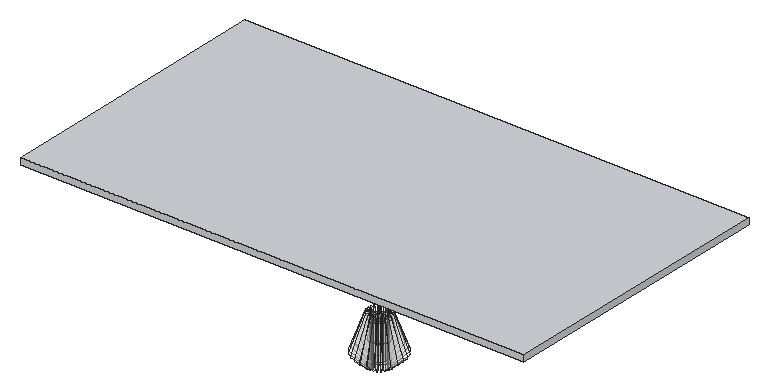
Revit family "Contour - Bevel Large", category Lighting Fixtures, host Face, Revit 2014
Parameters (values of type "20-3/4"Dia x 20-3/4"H")
  Wattage Comments = "14"
  Wattage = 38 W
  built-in parameter 1150110 = 1 (stored number, unit not read)
  URL = "http://lightart.com/"
  Type Comments = "Does not include lamp\r\nDoes not include lamp"
  built-in parameter 1114217 = 1 (stored number, unit not read)
  built-in parameter 1150109 = 1 (stored number, unit not read)
  built-in parameter 1150134 = (empty or 0)
  built-in parameter 1150113 = 1 (stored number, unit not read)
  Standards = "6-8 week lead time"
  Shade = 1/8" VARIA
  Model = "BEVEL"
  Material Options = "http://www.3-form.com/materials/varia_ecoresin/\r\nhttp://www.3-form.com/materials/varia_ecoresin/"
  Manufacturer Toll Free Phone = "206.524.2223\r\n206.524.2223"
  Manufacturer Email = "INFO@LIGHTART.COM"
  Manufacturer = "LightArt"
  Lumens = 3150.2 lm
  built-in parameter 1150115 = 1 (stored number, unit not read)
  built-in parameter 1150105 = 1002.7 (stored number, unit not read)
  Light Source Symbol Size = 8"
  built-in parameter 1150137 = (empty or 0)
  built-in parameter 1150139 = (empty or 0)
  Lid = "Removable powder coated"
  built-in parameter 1150112 = 1 (stored number, unit not read)
  built-in parameter 1150114 = 1 (stored number, unit not read)
  Keynote = ""
  Intensity = "LED System"
  Input = "120v"
  built-in parameter 1150132 = (empty or 0)
  built-in parameter 1150102 = (empty or 0)
  built-in parameter 1150138 = (empty or 0)
  built-in parameter 1150107 = 3000 (stored number, unit not read)
  built-in parameter 1150106 = 10.027 (stored number, unit not read)
  Height = 20 3/4"
  Hardware = none
  built-in parameter 1150104 = 7.7017 (stored number, unit not read)
  Driver = "-"
  Dimming Lamp Color Temperature Shift = <None>
  Dimming Compatibility = "No"
  Diffuser = White Opal Acrylic
  Dia = 20 3/4"
  Description = ""
  Default Elevation [instance] = 0"
  Color Filter = 16777215
  Canopy Type = "Powder Coat White"
  Cables = "1/16\" Stainless Steel Cable"
  built-in parameter 1114218 = 1 (stored number, unit not read)
  built-in parameter 1150133 = 10 (stored number, unit not read)
  Adjustable Suspension Height = 48"
Reference planes (in)
  plane 1 "Light Source Axis (F/B)": y = 0
  plane 2 "Ceiling": z = 0
  plane 3 "Light Source Axis (L/R)": x = 0
  plane 4 "Light Source Elevation": z = -50
  plane 5: z = -48
  plane 6: z = -48.125
  plane 7: z = -63.7959
  plane 8: z = -63.7959
  plane 9: z = -45.45641
  plane 10: z = -66.20641
Forms (in)
  Extrusion 1, solid
    sketch origin (0, 0, 0) x (1, 0, 0) y (0, 1, 0)
      loop
        line (-106, -60) -> (109.94313, -60) -> (109.94313, 60) -> (-106, 60) -> (-106, -60)
    from 0 to 2.7863
  Extrusion 2, solid, material "1/8" VARIA" <- "Shade", detail levels medium+fine
    sketch origin (0, 0, -50) x (0, 0, 1) y (1, 0, 0)
      loop
        line (-16.20638, 3.3823) -> (4.54359, 3.3823) -> (4.54359, 4.54661)
        arc (4.54359, 4.54661) -> (4.45252, 4.83432) -> (4.21248, 5.01722) r 0.5
        line (4.21248, 5.01722) -> (-2.31321, 7.35908) -> (-10.61864, 10.33963)
        arc (-10.61864, 10.33963) -> (-11.20827, 10.36616) -> (-11.71016, 10.05556) r 1
        line (-11.71016, 10.05556) -> (-13.63433, 7.84856) -> (-16.08326, 5.03966)
        arc (-16.08326, 5.03966) -> (-16.17459, 4.88652) -> (-16.20638, 4.71107) r 0.50001
        line (-16.20638, 4.71107) -> (-16.20638, 3.3823)
    from 0.0625 to -0.0625
  Extrusion 3, solid, material "White Opal Acrylic" <- "Diffuser", detail levels medium+fine
    sketch origin (0, 0, -84) x (1, 0, 0) y (0, 1, 0)
      loop
        circle (0, 0) r 2.75
      loop
        circle (0, 0) r 2.44
    from 20.2041 to 36
  Extrusion 4, solid, material "White Opal Acrylic" <- "Diffuser", detail levels medium+fine
    sketch origin (0, 0, -88.08) x (1, 0, 0) y (0, 1, 0)
      loop
        circle (0, 0) r 4.125
      loop
        circle (0, 0) r 2.75
    from 32.19411 to 32.31311
  Extrusion 5, solid, material "White Opal Acrylic" <- "Diffuser", detail levels medium+fine
    sketch origin (0, 0, -80.18) x (1, 0, 0) y (0, 1, 0)
      loop
        circle (0, 0) r 4.125
      loop
        circle (0, 0) r 2.75
    from 32.18 to 32.31311
  Extrusion 6, solid, material "1/8" VARIA" <- "Shade", detail levels medium+fine
    sketch origin (0, 0, -50) x (0, 0, 1) y (0.965926, -0.258819, 0)
      loop
        line (-16.20638, 3.3823) -> (4.54359, 3.3823) -> (4.54359, 4.54661)
        arc (4.54359, 4.54661) -> (4.45252, 4.83432) -> (4.21248, 5.01722) r 0.5
        line (4.21248, 5.01722) -> (-2.31321, 7.35908) -> (-10.61864, 10.33963)
        arc (-10.61864, 10.33963) -> (-11.20827, 10.36616) -> (-11.71016, 10.05556) r 1
        line (-11.71016, 10.05556) -> (-13.63433, 7.84856) -> (-16.08326, 5.03966)
        arc (-16.08326, 5.03966) -> (-16.17459, 4.88652) -> (-16.20638, 4.71107) r 0.50001
        line (-16.20638, 4.71107) -> (-16.20638, 3.3823)
    from 0.0625 to -0.0625
  Extrusion 7, solid, material "1/8" VARIA" <- "Shade", detail levels medium+fine
    sketch origin (0, 0, -50) x (0, 0, 1) y (0.866025, -0.5, 0)
      loop
        line (-16.20638, 3.3823) -> (4.54359, 3.3823) -> (4.54359, 4.54661)
        arc (4.54359, 4.54661) -> (4.45252, 4.83432) -> (4.21248, 5.01722) r 0.5
        line (4.21248, 5.01722) -> (-2.31321, 7.35908) -> (-10.61864, 10.33963)
        arc (-10.61864, 10.33963) -> (-11.20827, 10.36616) -> (-11.71016, 10.05556) r 1
        line (-11.71016, 10.05556) -> (-13.63433, 7.84856) -> (-16.08326, 5.03966)
        arc (-16.08326, 5.03966) -> (-16.17459, 4.88652) -> (-16.20638, 4.71107) r 0.50001
        line (-16.20638, 4.71107) -> (-16.20638, 3.3823)
    from 0.0625 to -0.0625
  Extrusion 8, solid, material "1/8" VARIA" <- "Shade", detail levels medium+fine
    sketch origin (0, 0, -50) x (0, 0, 1) y (0.707107, -0.707107, 0)
      loop
        line (-16.20638, 3.3823) -> (4.54359, 3.3823) -> (4.54359, 4.54661)
        arc (4.54359, 4.54661) -> (4.45252, 4.83432) -> (4.21248, 5.01722) r 0.5
        line (4.21248, 5.01722) -> (-2.31321, 7.35908) -> (-10.61864, 10.33963)
        arc (-10.61864, 10.33963) -> (-11.20827, 10.36616) -> (-11.71016, 10.05556) r 1
        line (-11.71016, 10.05556) -> (-13.63433, 7.84856) -> (-16.08326, 5.03966)
        arc (-16.08326, 5.03966) -> (-16.17459, 4.88652) -> (-16.20638, 4.71107) r 0.50001
        line (-16.20638, 4.71107) -> (-16.20638, 3.3823)
    from 0.0625 to -0.0625
  Extrusion 9, solid, material "1/8" VARIA" <- "Shade", detail levels medium+fine
    sketch origin (0, 0, -50) x (0, 0, 1) y (0.5, -0.866025, 0)
      loop
        line (-16.20638, 3.3823) -> (4.54359, 3.3823) -> (4.54359, 4.54661)
        arc (4.54359, 4.54661) -> (4.45252, 4.83432) -> (4.21248, 5.01722) r 0.5
        line (4.21248, 5.01722) -> (-2.31321, 7.35908) -> (-10.61864, 10.33963)
        arc (-10.61864, 10.33963) -> (-11.20827, 10.36616) -> (-11.71016, 10.05556) r 1
        line (-11.71016, 10.05556) -> (-13.63433, 7.84856) -> (-16.08326, 5.03966)
        arc (-16.08326, 5.03966) -> (-16.17459, 4.88652) -> (-16.20638, 4.71107) r 0.50001
        line (-16.20638, 4.71107) -> (-16.20638, 3.3823)
    from 0.0625 to -0.0625
  Extrusion 10, solid, material "1/8" VARIA" <- "Shade", detail levels medium+fine
    sketch origin (0, 0, -50) x (0, 0, 1) y (0.258819, -0.965926, 0)
      loop
        line (-16.20638, 3.3823) -> (4.54359, 3.3823) -> (4.54359, 4.54661)
        arc (4.54359, 4.54661) -> (4.45252, 4.83432) -> (4.21248, 5.01722) r 0.5
        line (4.21248, 5.01722) -> (-2.31321, 7.35908) -> (-10.61864, 10.33963)
        arc (-10.61864, 10.33963) -> (-11.20827, 10.36616) -> (-11.71016, 10.05556) r 1
        line (-11.71016, 10.05556) -> (-13.63433, 7.84856) -> (-16.08326, 5.03966)
        arc (-16.08326, 5.03966) -> (-16.17459, 4.88652) -> (-16.20638, 4.71107) r 0.50001
        line (-16.20638, 4.71107) -> (-16.20638, 3.3823)
    from 0.0625 to -0.0625
  Extrusion 11, solid, material "1/8" VARIA" <- "Shade", detail levels medium+fine
    sketch origin (0, 0, -50) x (0, 0, 1) y (0, -1, 0)
      loop
        line (-16.20638, 3.3823) -> (4.54359, 3.3823) -> (4.54359, 4.54661)
        arc (4.54359, 4.54661) -> (4.45252, 4.83432) -> (4.21248, 5.01722) r 0.5
        line (4.21248, 5.01722) -> (-2.31321, 7.35908) -> (-10.61864, 10.33963)
        arc (-10.61864, 10.33963) -> (-11.20827, 10.36616) -> (-11.71016, 10.05556) r 1
        line (-11.71016, 10.05556) -> (-13.63433, 7.84856) -> (-16.08326, 5.03966)
        arc (-16.08326, 5.03966) -> (-16.17459, 4.88652) -> (-16.20638, 4.71107) r 0.50001
        line (-16.20638, 4.71107) -> (-16.20638, 3.3823)
    from 0.0625 to -0.0625
  Extrusion 12, solid, material "1/8" VARIA" <- "Shade", detail levels medium+fine
    sketch origin (0, 0, -50) x (0, 0, 1) y (-0.258819, -0.965926, 0)
      loop
        line (-16.20638, 3.3823) -> (4.54359, 3.3823) -> (4.54359, 4.54661)
        arc (4.54359, 4.54661) -> (4.45252, 4.83432) -> (4.21248, 5.01722) r 0.5
        line (4.21248, 5.01722) -> (-2.31321, 7.35908) -> (-10.61864, 10.33963)
        arc (-10.61864, 10.33963) -> (-11.20827, 10.36616) -> (-11.71016, 10.05556) r 1
        line (-11.71016, 10.05556) -> (-13.63433, 7.84856) -> (-16.08326, 5.03966)
        arc (-16.08326, 5.03966) -> (-16.17459, 4.88652) -> (-16.20638, 4.71107) r 0.50001
        line (-16.20638, 4.71107) -> (-16.20638, 3.3823)
    from 0.0625 to -0.0625
  Extrusion 13, solid, material "1/8" VARIA" <- "Shade", detail levels medium+fine
    sketch origin (0, 0, -50) x (0, 0, 1) y (-0.5, -0.866025, 0)
      loop
        line (-16.20638, 3.3823) -> (4.54359, 3.3823) -> (4.54359, 4.54661)
        arc (4.54359, 4.54661) -> (4.45252, 4.83432) -> (4.21248, 5.01722) r 0.5
        line (4.21248, 5.01722) -> (-2.31321, 7.35908) -> (-10.61864, 10.33963)
        arc (-10.61864, 10.33963) -> (-11.20827, 10.36616) -> (-11.71016, 10.05556) r 1
        line (-11.71016, 10.05556) -> (-13.63433, 7.84856) -> (-16.08326, 5.03966)
        arc (-16.08326, 5.03966) -> (-16.17459, 4.88652) -> (-16.20638, 4.71107) r 0.50001
        line (-16.20638, 4.71107) -> (-16.20638, 3.3823)
    from 0.0625 to -0.0625
  Extrusion 14, solid, material "1/8" VARIA" <- "Shade", detail levels medium+fine
    sketch origin (0, 0, -50) x (0, 0, 1) y (-0.707107, -0.707107, 0)
      loop
        line (-16.20638, 3.3823) -> (4.54359, 3.3823) -> (4.54359, 4.54661)
        arc (4.54359, 4.54661) -> (4.45252, 4.83432) -> (4.21248, 5.01722) r 0.5
        line (4.21248, 5.01722) -> (-2.31321, 7.35908) -> (-10.61864, 10.33963)
        arc (-10.61864, 10.33963) -> (-11.20827, 10.36616) -> (-11.71016, 10.05556) r 1
        line (-11.71016, 10.05556) -> (-13.63433, 7.84856) -> (-16.08326, 5.03966)
        arc (-16.08326, 5.03966) -> (-16.17459, 4.88652) -> (-16.20638, 4.71107) r 0.50001
        line (-16.20638, 4.71107) -> (-16.20638, 3.3823)
    from 0.0625 to -0.0625
  Extrusion 15, solid, material "1/8" VARIA" <- "Shade", detail levels medium+fine
    sketch origin (0, 0, -50) x (0, 0, 1) y (-0.866025, -0.5, 0)
      loop
        line (-16.20638, 3.3823) -> (4.54359, 3.3823) -> (4.54359, 4.54661)
        arc (4.54359, 4.54661) -> (4.45252, 4.83432) -> (4.21248, 5.01722) r 0.5
        line (4.21248, 5.01722) -> (-2.31321, 7.35908) -> (-10.61864, 10.33963)
        arc (-10.61864, 10.33963) -> (-11.20827, 10.36616) -> (-11.71016, 10.05556) r 1
        line (-11.71016, 10.05556) -> (-13.63433, 7.84856) -> (-16.08326, 5.03966)
        arc (-16.08326, 5.03966) -> (-16.17459, 4.88652) -> (-16.20638, 4.71107) r 0.50001
        line (-16.20638, 4.71107) -> (-16.20638, 3.3823)
    from 0.0625 to -0.0625
  Extrusion 16, solid, material "1/8" VARIA" <- "Shade", detail levels medium+fine
    sketch origin (0, 0, -50) x (0, 0, 1) y (-0.965926, -0.258819, 0)
      loop
        line (-16.20638, 3.3823) -> (4.54359, 3.3823) -> (4.54359, 4.54661)
        arc (4.54359, 4.54661) -> (4.45252, 4.83432) -> (4.21248, 5.01722) r 0.5
        line (4.21248, 5.01722) -> (-2.31321, 7.35908) -> (-10.61864, 10.33963)
        arc (-10.61864, 10.33963) -> (-11.20827, 10.36616) -> (-11.71016, 10.05556) r 1
        line (-11.71016, 10.05556) -> (-13.63433, 7.84856) -> (-16.08326, 5.03966)
        arc (-16.08326, 5.03966) -> (-16.17459, 4.88652) -> (-16.20638, 4.71107) r 0.50001
        line (-16.20638, 4.71107) -> (-16.20638, 3.3823)
    from 0.0625 to -0.0625
  Extrusion 17, solid, material "1/8" VARIA" <- "Shade", detail levels medium+fine
    sketch origin (0, 0, -50) x (0, 0, 1) y (-1, 0, 0)
      loop
        line (-16.20638, 3.3823) -> (4.54359, 3.3823) -> (4.54359, 4.54661)
        arc (4.54359, 4.54661) -> (4.45252, 4.83432) -> (4.21248, 5.01722) r 0.5
        line (4.21248, 5.01722) -> (-2.31321, 7.35908) -> (-10.61864, 10.33963)
        arc (-10.61864, 10.33963) -> (-11.20827, 10.36616) -> (-11.71016, 10.05556) r 1
        line (-11.71016, 10.05556) -> (-13.63433, 7.84856) -> (-16.08326, 5.03966)
        arc (-16.08326, 5.03966) -> (-16.17459, 4.88652) -> (-16.20638, 4.71107) r 0.50001
        line (-16.20638, 4.71107) -> (-16.20638, 3.3823)
    from 0.0625 to -0.0625
  Extrusion 18, solid, material "1/8" VARIA" <- "Shade", detail levels medium+fine
    sketch origin (0, 0, -50) x (0, 0, 1) y (-0.965926, 0.258819, 0)
      loop
        line (-16.20638, 3.3823) -> (4.54359, 3.3823) -> (4.54359, 4.54661)
        arc (4.54359, 4.54661) -> (4.45252, 4.83432) -> (4.21248, 5.01722) r 0.5
        line (4.21248, 5.01722) -> (-2.31321, 7.35908) -> (-10.61864, 10.33963)
        arc (-10.61864, 10.33963) -> (-11.20827, 10.36616) -> (-11.71016, 10.05556) r 1
        line (-11.71016, 10.05556) -> (-13.63433, 7.84856) -> (-16.08326, 5.03966)
        arc (-16.08326, 5.03966) -> (-16.17459, 4.88652) -> (-16.20638, 4.71107) r 0.50001
        line (-16.20638, 4.71107) -> (-16.20638, 3.3823)
    from 0.0625 to -0.0625
  Extrusion 19, solid, material "1/8" VARIA" <- "Shade", detail levels medium+fine
    sketch origin (0, 0, -50) x (0, 0, 1) y (-0.866025, 0.5, 0)
      loop
        line (-16.20638, 3.3823) -> (4.54359, 3.3823) -> (4.54359, 4.54661)
        arc (4.54359, 4.54661) -> (4.45252, 4.83432) -> (4.21248, 5.01722) r 0.5
        line (4.21248, 5.01722) -> (-2.31321, 7.35908) -> (-10.61864, 10.33963)
        arc (-10.61864, 10.33963) -> (-11.20827, 10.36616) -> (-11.71016, 10.05556) r 1
        line (-11.71016, 10.05556) -> (-13.63433, 7.84856) -> (-16.08326, 5.03966)
        arc (-16.08326, 5.03966) -> (-16.17459, 4.88652) -> (-16.20638, 4.71107) r 0.50001
        line (-16.20638, 4.71107) -> (-16.20638, 3.3823)
    from 0.0625 to -0.0625
  Extrusion 20, solid, material "1/8" VARIA" <- "Shade", detail levels medium+fine
    sketch origin (0, 0, -50) x (0, 0, 1) y (-0.707107, 0.707107, 0)
      loop
        line (-16.20638, 3.3823) -> (4.54359, 3.3823) -> (4.54359, 4.54661)
        arc (4.54359, 4.54661) -> (4.45252, 4.83432) -> (4.21248, 5.01722) r 0.5
        line (4.21248, 5.01722) -> (-2.31321, 7.35908) -> (-10.61864, 10.33963)
        arc (-10.61864, 10.33963) -> (-11.20827, 10.36616) -> (-11.71016, 10.05556) r 1
        line (-11.71016, 10.05556) -> (-13.63433, 7.84856) -> (-16.08326, 5.03966)
        arc (-16.08326, 5.03966) -> (-16.17459, 4.88652) -> (-16.20638, 4.71107) r 0.50001
        line (-16.20638, 4.71107) -> (-16.20638, 3.3823)
    from 0.0625 to -0.0625
  Extrusion 21, solid, material "1/8" VARIA" <- "Shade", detail levels medium+fine
    sketch origin (0, 0, -50) x (0, 0, 1) y (-0.5, 0.866025, 0)
      loop
        line (-16.20638, 3.3823) -> (4.54359, 3.3823) -> (4.54359, 4.54661)
        arc (4.54359, 4.54661) -> (4.45252, 4.83432) -> (4.21248, 5.01722) r 0.5
        line (4.21248, 5.01722) -> (-2.31321, 7.35908) -> (-10.61864, 10.33963)
        arc (-10.61864, 10.33963) -> (-11.20827, 10.36616) -> (-11.71016, 10.05556) r 1
        line (-11.71016, 10.05556) -> (-13.63433, 7.84856) -> (-16.08326, 5.03966)
        arc (-16.08326, 5.03966) -> (-16.17459, 4.88652) -> (-16.20638, 4.71107) r 0.50001
        line (-16.20638, 4.71107) -> (-16.20638, 3.3823)
    from 0.0625 to -0.0625
  Extrusion 22, solid, material "1/8" VARIA" <- "Shade", detail levels medium+fine
    sketch origin (0, 0, -50) x (0, 0, 1) y (-0.258819, 0.965926, 0)
      loop
        line (-16.20638, 3.3823) -> (4.54359, 3.3823) -> (4.54359, 4.54661)
        arc (4.54359, 4.54661) -> (4.45252, 4.83432) -> (4.21248, 5.01722) r 0.5
        line (4.21248, 5.01722) -> (-2.31321, 7.35908) -> (-10.61864, 10.33963)
        arc (-10.61864, 10.33963) -> (-11.20827, 10.36616) -> (-11.71016, 10.05556) r 1
        line (-11.71016, 10.05556) -> (-13.63433, 7.84856) -> (-16.08326, 5.03966)
        arc (-16.08326, 5.03966) -> (-16.17459, 4.88652) -> (-16.20638, 4.71107) r 0.50001
        line (-16.20638, 4.71107) -> (-16.20638, 3.3823)
    from 0.0625 to -0.0625
  Extrusion 23, solid, material "1/8" VARIA" <- "Shade", detail levels medium+fine
    sketch origin (0, 0, -50) x (0, 0, 1) y (0, 1, 0)
      loop
        line (-16.20638, 3.3823) -> (4.54359, 3.3823) -> (4.54359, 4.54661)
        arc (4.54359, 4.54661) -> (4.45252, 4.83432) -> (4.21248, 5.01722) r 0.5
        line (4.21248, 5.01722) -> (-2.31321, 7.35908) -> (-10.61864, 10.33963)
        arc (-10.61864, 10.33963) -> (-11.20827, 10.36616) -> (-11.71016, 10.05556) r 1
        line (-11.71016, 10.05556) -> (-13.63433, 7.84856) -> (-16.08326, 5.03966)
        arc (-16.08326, 5.03966) -> (-16.17459, 4.88652) -> (-16.20638, 4.71107) r 0.50001
        line (-16.20638, 4.71107) -> (-16.20638, 3.3823)
    from 0.0625 to -0.0625
  Extrusion 24, solid, material "1/8" VARIA" <- "Shade", detail levels medium+fine
    sketch origin (0, 0, -50) x (0, 0, 1) y (0.258819, 0.965926, 0)
      loop
        line (-16.20638, 3.3823) -> (4.54359, 3.3823) -> (4.54359, 4.54661)
        arc (4.54359, 4.54661) -> (4.45252, 4.83432) -> (4.21248, 5.01722) r 0.5
        line (4.21248, 5.01722) -> (-2.31321, 7.35908) -> (-10.61864, 10.33963)
        arc (-10.61864, 10.33963) -> (-11.20827, 10.36616) -> (-11.71016, 10.05556) r 1
        line (-11.71016, 10.05556) -> (-13.63433, 7.84856) -> (-16.08326, 5.03966)
        arc (-16.08326, 5.03966) -> (-16.17459, 4.88652) -> (-16.20638, 4.71107) r 0.50001
        line (-16.20638, 4.71107) -> (-16.20638, 3.3823)
    from 0.0625 to -0.0625
  Extrusion 25, solid, material "1/8" VARIA" <- "Shade", detail levels medium+fine
    sketch origin (0, 0, -50) x (0, 0, 1) y (0.5, 0.866025, 0)
      loop
        line (-16.20638, 3.3823) -> (4.54359, 3.3823) -> (4.54359, 4.54661)
        arc (4.54359, 4.54661) -> (4.45252, 4.83432) -> (4.21248, 5.01722) r 0.5
        line (4.21248, 5.01722) -> (-2.31321, 7.35908) -> (-10.61864, 10.33963)
        arc (-10.61864, 10.33963) -> (-11.20827, 10.36616) -> (-11.71016, 10.05556) r 1
        line (-11.71016, 10.05556) -> (-13.63433, 7.84856) -> (-16.08326, 5.03966)
        arc (-16.08326, 5.03966) -> (-16.17459, 4.88652) -> (-16.20638, 4.71107) r 0.50001
        line (-16.20638, 4.71107) -> (-16.20638, 3.3823)
    from 0.0625 to -0.0625
  Extrusion 26, solid, material "1/8" VARIA" <- "Shade", detail levels medium+fine
    sketch origin (0, 0, -50) x (0, 0, 1) y (0.707107, 0.707107, 0)
      loop
        line (-16.20638, 3.3823) -> (4.54359, 3.3823) -> (4.54359, 4.54661)
        arc (4.54359, 4.54661) -> (4.45252, 4.83432) -> (4.21248, 5.01722) r 0.5
        line (4.21248, 5.01722) -> (-2.31321, 7.35908) -> (-10.61864, 10.33963)
        arc (-10.61864, 10.33963) -> (-11.20827, 10.36616) -> (-11.71016, 10.05556) r 1
        line (-11.71016, 10.05556) -> (-13.63433, 7.84856) -> (-16.08326, 5.03966)
        arc (-16.08326, 5.03966) -> (-16.17459, 4.88652) -> (-16.20638, 4.71107) r 0.50001
        line (-16.20638, 4.71107) -> (-16.20638, 3.3823)
    from 0.0625 to -0.0625
  Extrusion 27, solid, material "1/8" VARIA" <- "Shade", detail levels medium+fine
    sketch origin (0, 0, -50) x (0, 0, 1) y (0.866025, 0.5, 0)
      loop
        line (-16.20638, 3.3823) -> (4.54359, 3.3823) -> (4.54359, 4.54661)
        arc (4.54359, 4.54661) -> (4.45252, 4.83432) -> (4.21248, 5.01722) r 0.5
        line (4.21248, 5.01722) -> (-2.31321, 7.35908) -> (-10.61864, 10.33963)
        arc (-10.61864, 10.33963) -> (-11.20827, 10.36616) -> (-11.71016, 10.05556) r 1
        line (-11.71016, 10.05556) -> (-13.63433, 7.84856) -> (-16.08326, 5.03966)
        arc (-16.08326, 5.03966) -> (-16.17459, 4.88652) -> (-16.20638, 4.71107) r 0.50001
        line (-16.20638, 4.71107) -> (-16.20638, 3.3823)
    from 0.0625 to -0.0625
  Extrusion 28, solid, material "1/8" VARIA" <- "Shade", detail levels medium+fine
    sketch origin (0, 0, -50) x (0, 0, 1) y (0.965926, 0.258819, 0)
      loop
        line (-16.20638, 3.3823) -> (4.54359, 3.3823) -> (4.54359, 4.54661)
        arc (4.54359, 4.54661) -> (4.45252, 4.83432) -> (4.21248, 5.01722) r 0.5
        line (4.21248, 5.01722) -> (-2.31321, 7.35908) -> (-10.61864, 10.33963)
        arc (-10.61864, 10.33963) -> (-11.20827, 10.36616) -> (-11.71016, 10.05556) r 1
        line (-11.71016, 10.05556) -> (-13.63433, 7.84856) -> (-16.08326, 5.03966)
        arc (-16.08326, 5.03966) -> (-16.17459, 4.88652) -> (-16.20638, 4.71107) r 0.50001
        line (-16.20638, 4.71107) -> (-16.20638, 3.3823)
    from 0.0625 to -0.0625
  Sweep 29, solid
    path origin (-27.52345, 9.17777, -96) x (1, 0, 0) y (0, 0, -1)
      loop
        spline (27.41255, -95.61697) -> (26.20483, -93.26185) -> (26.06291, -88.77824) -> (26.1373, -84.28597) -> (26.21611, -80.0261) -> (26.30445, -75.60022) -> (26.40765, -70.60938) -> (26.5263, -64.87465) -> (26.63987, -59.2078) -> (26.72188, -54.6993) -> (26.75268, -52.15597) -> (26.75087, -50.79758) -> (27.41255, -48.42212)
    profile origin (-1.1158, 9.17777, -25.39062) x (-0.999784, 0, -0.020783) y (0, 1, 0)
      loop
        circle (0, -9.17777) r 0.0625
  Extrusion 30, solid, material "1/8" VARIA" <- "Shade", not visible, detail levels medium+fine
    sketch origin (0, 0, -50) x (0, 0, 1) y (1, 0, 0)
      loop
        line (-16.20638, 3.3823) -> (4.54359, 3.3823) -> (4.54359, 4.54661)
        arc (4.54359, 4.54661) -> (4.45252, 4.83432) -> (4.21248, 5.01722) r 0.5
        line (4.21248, 5.01722) -> (-2.31321, 7.35908) -> (-10.61864, 10.33963)
        arc (-10.61864, 10.33963) -> (-11.20827, 10.36616) -> (-11.71016, 10.05556) r 1
        line (-11.71016, 10.05556) -> (-13.63433, 7.84856) -> (-16.08326, 5.03966)
        arc (-16.08326, 5.03966) -> (-16.17459, 4.88652) -> (-16.20638, 4.71107) r 0.50001
        line (-16.20638, 4.71107) -> (-16.20638, 3.3823)
    from 0.0625 to -0.0625
  Extrusion 31, solid, material "White Opal Acrylic" <- "Diffuser", not visible, detail levels medium+fine
    sketch origin (0, 0, -84) x (1, 0, 0) y (0, 1, 0)
      loop
        circle (0, 0) r 2.75
      loop
        circle (0, 0) r 2.44
    from 20.2041 to 36
  Extrusion 32, solid, material "White Opal Acrylic" <- "Diffuser", not visible, detail levels medium+fine
    sketch origin (0, 0, -88.08) x (1, 0, 0) y (0, 1, 0)
      loop
        circle (0, 0) r 4.125
      loop
        circle (0, 0) r 2.75
    from 32.19411 to 32.31311
  Extrusion 33, solid, material "White Opal Acrylic" <- "Diffuser", not visible, detail levels medium+fine
    sketch origin (0, 0, -80.18) x (1, 0, 0) y (0, 1, 0)
      loop
        circle (0, 0) r 4.125
      loop
        circle (0, 0) r 2.75
    from 32.18 to 32.31311
  Extrusion 34, solid, material "1/8" VARIA" <- "Shade", not visible, detail levels medium+fine
    sketch origin (0, 0, -50) x (0, 0, 1) y (0.965926, -0.258819, 0)
      loop
        line (-16.20638, 3.3823) -> (4.54359, 3.3823) -> (4.54359, 4.54661)
        arc (4.54359, 4.54661) -> (4.45252, 4.83432) -> (4.21248, 5.01722) r 0.5
        line (4.21248, 5.01722) -> (-2.31321, 7.35908) -> (-10.61864, 10.33963)
        arc (-10.61864, 10.33963) -> (-11.20827, 10.36616) -> (-11.71016, 10.05556) r 1
        line (-11.71016, 10.05556) -> (-13.63433, 7.84856) -> (-16.08326, 5.03966)
        arc (-16.08326, 5.03966) -> (-16.17459, 4.88652) -> (-16.20638, 4.71107) r 0.50001
        line (-16.20638, 4.71107) -> (-16.20638, 3.3823)
    from 0.0625 to -0.0625
  Extrusion 35, solid, material "1/8" VARIA" <- "Shade", not visible, detail levels medium+fine
    sketch origin (0, 0, -50) x (0, 0, 1) y (0.866025, -0.5, 0)
      loop
        line (-16.20638, 3.3823) -> (4.54359, 3.3823) -> (4.54359, 4.54661)
        arc (4.54359, 4.54661) -> (4.45252, 4.83432) -> (4.21248, 5.01722) r 0.5
        line (4.21248, 5.01722) -> (-2.31321, 7.35908) -> (-10.61864, 10.33963)
        arc (-10.61864, 10.33963) -> (-11.20827, 10.36616) -> (-11.71016, 10.05556) r 1
        line (-11.71016, 10.05556) -> (-13.63433, 7.84856) -> (-16.08326, 5.03966)
        arc (-16.08326, 5.03966) -> (-16.17459, 4.88652) -> (-16.20638, 4.71107) r 0.50001
        line (-16.20638, 4.71107) -> (-16.20638, 3.3823)
    from 0.0625 to -0.0625
  Extrusion 36, solid, material "1/8" VARIA" <- "Shade", not visible, detail levels medium+fine
    sketch origin (0, 0, -50) x (0, 0, 1) y (0.707107, -0.707107, 0)
      loop
        line (-16.20638, 3.3823) -> (4.54359, 3.3823) -> (4.54359, 4.54661)
        arc (4.54359, 4.54661) -> (4.45252, 4.83432) -> (4.21248, 5.01722) r 0.5
        line (4.21248, 5.01722) -> (-2.31321, 7.35908) -> (-10.61864, 10.33963)
        arc (-10.61864, 10.33963) -> (-11.20827, 10.36616) -> (-11.71016, 10.05556) r 1
        line (-11.71016, 10.05556) -> (-13.63433, 7.84856) -> (-16.08326, 5.03966)
        arc (-16.08326, 5.03966) -> (-16.17459, 4.88652) -> (-16.20638, 4.71107) r 0.50001
        line (-16.20638, 4.71107) -> (-16.20638, 3.3823)
    from 0.0625 to -0.0625
  Extrusion 37, solid, material "1/8" VARIA" <- "Shade", not visible, detail levels medium+fine
    sketch origin (0, 0, -50) x (0, 0, 1) y (0.5, -0.866025, 0)
      loop
        line (-16.20638, 3.3823) -> (4.54359, 3.3823) -> (4.54359, 4.54661)
        arc (4.54359, 4.54661) -> (4.45252, 4.83432) -> (4.21248, 5.01722) r 0.5
        line (4.21248, 5.01722) -> (-2.31321, 7.35908) -> (-10.61864, 10.33963)
        arc (-10.61864, 10.33963) -> (-11.20827, 10.36616) -> (-11.71016, 10.05556) r 1
        line (-11.71016, 10.05556) -> (-13.63433, 7.84856) -> (-16.08326, 5.03966)
        arc (-16.08326, 5.03966) -> (-16.17459, 4.88652) -> (-16.20638, 4.71107) r 0.50001
        line (-16.20638, 4.71107) -> (-16.20638, 3.3823)
    from 0.0625 to -0.0625
  Extrusion 38, solid, material "1/8" VARIA" <- "Shade", not visible, detail levels medium+fine
    sketch origin (0, 0, -50) x (0, 0, 1) y (0.258819, -0.965926, 0)
      loop
        line (-16.20638, 3.3823) -> (4.54359, 3.3823) -> (4.54359, 4.54661)
        arc (4.54359, 4.54661) -> (4.45252, 4.83432) -> (4.21248, 5.01722) r 0.5
        line (4.21248, 5.01722) -> (-2.31321, 7.35908) -> (-10.61864, 10.33963)
        arc (-10.61864, 10.33963) -> (-11.20827, 10.36616) -> (-11.71016, 10.05556) r 1
        line (-11.71016, 10.05556) -> (-13.63433, 7.84856) -> (-16.08326, 5.03966)
        arc (-16.08326, 5.03966) -> (-16.17459, 4.88652) -> (-16.20638, 4.71107) r 0.50001
        line (-16.20638, 4.71107) -> (-16.20638, 3.3823)
    from 0.0625 to -0.0625
  Extrusion 39, solid, material "1/8" VARIA" <- "Shade", not visible, detail levels medium+fine
    sketch origin (0, 0, -50) x (0, 0, 1) y (0, -1, 0)
      loop
        line (-16.20638, 3.3823) -> (4.54359, 3.3823) -> (4.54359, 4.54661)
        arc (4.54359, 4.54661) -> (4.45252, 4.83432) -> (4.21248, 5.01722) r 0.5
        line (4.21248, 5.01722) -> (-2.31321, 7.35908) -> (-10.61864, 10.33963)
        arc (-10.61864, 10.33963) -> (-11.20827, 10.36616) -> (-11.71016, 10.05556) r 1
        line (-11.71016, 10.05556) -> (-13.63433, 7.84856) -> (-16.08326, 5.03966)
        arc (-16.08326, 5.03966) -> (-16.17459, 4.88652) -> (-16.20638, 4.71107) r 0.50001
        line (-16.20638, 4.71107) -> (-16.20638, 3.3823)
    from 0.0625 to -0.0625
  Extrusion 40, solid, material "1/8" VARIA" <- "Shade", not visible, detail levels medium+fine
    sketch origin (0, 0, -50) x (0, 0, 1) y (-0.258819, -0.965926, 0)
      loop
        line (-16.20638, 3.3823) -> (4.54359, 3.3823) -> (4.54359, 4.54661)
        arc (4.54359, 4.54661) -> (4.45252, 4.83432) -> (4.21248, 5.01722) r 0.5
        line (4.21248, 5.01722) -> (-2.31321, 7.35908) -> (-10.61864, 10.33963)
        arc (-10.61864, 10.33963) -> (-11.20827, 10.36616) -> (-11.71016, 10.05556) r 1
        line (-11.71016, 10.05556) -> (-13.63433, 7.84856) -> (-16.08326, 5.03966)
        arc (-16.08326, 5.03966) -> (-16.17459, 4.88652) -> (-16.20638, 4.71107) r 0.50001
        line (-16.20638, 4.71107) -> (-16.20638, 3.3823)
    from 0.0625 to -0.0625
  Extrusion 41, solid, material "1/8" VARIA" <- "Shade", not visible, detail levels medium+fine
    sketch origin (0, 0, -50) x (0, 0, 1) y (-0.5, -0.866025, 0)
      loop
        line (-16.20638, 3.3823) -> (4.54359, 3.3823) -> (4.54359, 4.54661)
        arc (4.54359, 4.54661) -> (4.45252, 4.83432) -> (4.21248, 5.01722) r 0.5
        line (4.21248, 5.01722) -> (-2.31321, 7.35908) -> (-10.61864, 10.33963)
        arc (-10.61864, 10.33963) -> (-11.20827, 10.36616) -> (-11.71016, 10.05556) r 1
        line (-11.71016, 10.05556) -> (-13.63433, 7.84856) -> (-16.08326, 5.03966)
        arc (-16.08326, 5.03966) -> (-16.17459, 4.88652) -> (-16.20638, 4.71107) r 0.50001
        line (-16.20638, 4.71107) -> (-16.20638, 3.3823)
    from 0.0625 to -0.0625
  Extrusion 42, solid, material "1/8" VARIA" <- "Shade", not visible, detail levels medium+fine
    sketch origin (0, 0, -50) x (0, 0, 1) y (-0.707107, -0.707107, 0)
      loop
        line (-16.20638, 3.3823) -> (4.54359, 3.3823) -> (4.54359, 4.54661)
        arc (4.54359, 4.54661) -> (4.45252, 4.83432) -> (4.21248, 5.01722) r 0.5
        line (4.21248, 5.01722) -> (-2.31321, 7.35908) -> (-10.61864, 10.33963)
        arc (-10.61864, 10.33963) -> (-11.20827, 10.36616) -> (-11.71016, 10.05556) r 1
        line (-11.71016, 10.05556) -> (-13.63433, 7.84856) -> (-16.08326, 5.03966)
        arc (-16.08326, 5.03966) -> (-16.17459, 4.88652) -> (-16.20638, 4.71107) r 0.50001
        line (-16.20638, 4.71107) -> (-16.20638, 3.3823)
    from 0.0625 to -0.0625
  Extrusion 43, solid, material "1/8" VARIA" <- "Shade", not visible, detail levels medium+fine
    sketch origin (0, 0, -50) x (0, 0, 1) y (-0.866025, -0.5, 0)
      loop
        line (-16.20638, 3.3823) -> (4.54359, 3.3823) -> (4.54359, 4.54661)
        arc (4.54359, 4.54661) -> (4.45252, 4.83432) -> (4.21248, 5.01722) r 0.5
        line (4.21248, 5.01722) -> (-2.31321, 7.35908) -> (-10.61864, 10.33963)
        arc (-10.61864, 10.33963) -> (-11.20827, 10.36616) -> (-11.71016, 10.05556) r 1
        line (-11.71016, 10.05556) -> (-13.63433, 7.84856) -> (-16.08326, 5.03966)
        arc (-16.08326, 5.03966) -> (-16.17459, 4.88652) -> (-16.20638, 4.71107) r 0.50001
        line (-16.20638, 4.71107) -> (-16.20638, 3.3823)
    from 0.0625 to -0.0625
  Extrusion 44, solid, material "1/8" VARIA" <- "Shade", not visible, detail levels medium+fine
    sketch origin (0, 0, -50) x (0, 0, 1) y (-0.965926, -0.258819, 0)
      loop
        line (-16.20638, 3.3823) -> (4.54359, 3.3823) -> (4.54359, 4.54661)
        arc (4.54359, 4.54661) -> (4.45252, 4.83432) -> (4.21248, 5.01722) r 0.5
        line (4.21248, 5.01722) -> (-2.31321, 7.35908) -> (-10.61864, 10.33963)
        arc (-10.61864, 10.33963) -> (-11.20827, 10.36616) -> (-11.71016, 10.05556) r 1
        line (-11.71016, 10.05556) -> (-13.63433, 7.84856) -> (-16.08326, 5.03966)
        arc (-16.08326, 5.03966) -> (-16.17459, 4.88652) -> (-16.20638, 4.71107) r 0.50001
        line (-16.20638, 4.71107) -> (-16.20638, 3.3823)
    from 0.0625 to -0.0625
  Extrusion 45, solid, material "1/8" VARIA" <- "Shade", not visible, detail levels medium+fine
    sketch origin (0, 0, -50) x (0, 0, 1) y (-1, 0, 0)
      loop
        line (-16.20638, 3.3823) -> (4.54359, 3.3823) -> (4.54359, 4.54661)
        arc (4.54359, 4.54661) -> (4.45252, 4.83432) -> (4.21248, 5.01722) r 0.5
        line (4.21248, 5.01722) -> (-2.31321, 7.35908) -> (-10.61864, 10.33963)
        arc (-10.61864, 10.33963) -> (-11.20827, 10.36616) -> (-11.71016, 10.05556) r 1
        line (-11.71016, 10.05556) -> (-13.63433, 7.84856) -> (-16.08326, 5.03966)
        arc (-16.08326, 5.03966) -> (-16.17459, 4.88652) -> (-16.20638, 4.71107) r 0.50001
        line (-16.20638, 4.71107) -> (-16.20638, 3.3823)
    from 0.0625 to -0.0625
  Extrusion 46, solid, material "1/8" VARIA" <- "Shade", not visible, detail levels medium+fine
    sketch origin (0, 0, -50) x (0, 0, 1) y (-0.965926, 0.258819, 0)
      loop
        line (-16.20638, 3.3823) -> (4.54359, 3.3823) -> (4.54359, 4.54661)
        arc (4.54359, 4.54661) -> (4.45252, 4.83432) -> (4.21248, 5.01722) r 0.5
        line (4.21248, 5.01722) -> (-2.31321, 7.35908) -> (-10.61864, 10.33963)
        arc (-10.61864, 10.33963) -> (-11.20827, 10.36616) -> (-11.71016, 10.05556) r 1
        line (-11.71016, 10.05556) -> (-13.63433, 7.84856) -> (-16.08326, 5.03966)
        arc (-16.08326, 5.03966) -> (-16.17459, 4.88652) -> (-16.20638, 4.71107) r 0.50001
        line (-16.20638, 4.71107) -> (-16.20638, 3.3823)
    from 0.0625 to -0.0625
  Extrusion 47, solid, material "1/8" VARIA" <- "Shade", not visible, detail levels medium+fine
    sketch origin (0, 0, -50) x (0, 0, 1) y (-0.866025, 0.5, 0)
      loop
        line (-16.20638, 3.3823) -> (4.54359, 3.3823) -> (4.54359, 4.54661)
        arc (4.54359, 4.54661) -> (4.45252, 4.83432) -> (4.21248, 5.01722) r 0.5
        line (4.21248, 5.01722) -> (-2.31321, 7.35908) -> (-10.61864, 10.33963)
        arc (-10.61864, 10.33963) -> (-11.20827, 10.36616) -> (-11.71016, 10.05556) r 1
        line (-11.71016, 10.05556) -> (-13.63433, 7.84856) -> (-16.08326, 5.03966)
        arc (-16.08326, 5.03966) -> (-16.17459, 4.88652) -> (-16.20638, 4.71107) r 0.50001
        line (-16.20638, 4.71107) -> (-16.20638, 3.3823)
    from 0.0625 to -0.0625
  Extrusion 48, solid, material "1/8" VARIA" <- "Shade", not visible, detail levels medium+fine
    sketch origin (0, 0, -50) x (0, 0, 1) y (-0.707107, 0.707107, 0)
      loop
        line (-16.20638, 3.3823) -> (4.54359, 3.3823) -> (4.54359, 4.54661)
        arc (4.54359, 4.54661) -> (4.45252, 4.83432) -> (4.21248, 5.01722) r 0.5
        line (4.21248, 5.01722) -> (-2.31321, 7.35908) -> (-10.61864, 10.33963)
        arc (-10.61864, 10.33963) -> (-11.20827, 10.36616) -> (-11.71016, 10.05556) r 1
        line (-11.71016, 10.05556) -> (-13.63433, 7.84856) -> (-16.08326, 5.03966)
        arc (-16.08326, 5.03966) -> (-16.17459, 4.88652) -> (-16.20638, 4.71107) r 0.50001
        line (-16.20638, 4.71107) -> (-16.20638, 3.3823)
    from 0.0625 to -0.0625
  Extrusion 49, solid, material "1/8" VARIA" <- "Shade", not visible, detail levels medium+fine
    sketch origin (0, 0, -50) x (0, 0, 1) y (-0.5, 0.866025, 0)
      loop
        line (-16.20638, 3.3823) -> (4.54359, 3.3823) -> (4.54359, 4.54661)
        arc (4.54359, 4.54661) -> (4.45252, 4.83432) -> (4.21248, 5.01722) r 0.5
        line (4.21248, 5.01722) -> (-2.31321, 7.35908) -> (-10.61864, 10.33963)
        arc (-10.61864, 10.33963) -> (-11.20827, 10.36616) -> (-11.71016, 10.05556) r 1
        line (-11.71016, 10.05556) -> (-13.63433, 7.84856) -> (-16.08326, 5.03966)
        arc (-16.08326, 5.03966) -> (-16.17459, 4.88652) -> (-16.20638, 4.71107) r 0.50001
        line (-16.20638, 4.71107) -> (-16.20638, 3.3823)
    from 0.0625 to -0.0625
  Extrusion 50, solid, material "1/8" VARIA" <- "Shade", not visible, detail levels medium+fine
    sketch origin (0, 0, -50) x (0, 0, 1) y (-0.258819, 0.965926, 0)
      loop
        line (-16.20638, 3.3823) -> (4.54359, 3.3823) -> (4.54359, 4.54661)
        arc (4.54359, 4.54661) -> (4.45252, 4.83432) -> (4.21248, 5.01722) r 0.5
        line (4.21248, 5.01722) -> (-2.31321, 7.35908) -> (-10.61864, 10.33963)
        arc (-10.61864, 10.33963) -> (-11.20827, 10.36616) -> (-11.71016, 10.05556) r 1
        line (-11.71016, 10.05556) -> (-13.63433, 7.84856) -> (-16.08326, 5.03966)
        arc (-16.08326, 5.03966) -> (-16.17459, 4.88652) -> (-16.20638, 4.71107) r 0.50001
        line (-16.20638, 4.71107) -> (-16.20638, 3.3823)
    from 0.0625 to -0.0625
  Extrusion 51, solid, material "1/8" VARIA" <- "Shade", not visible, detail levels medium+fine
    sketch origin (0, 0, -50) x (0, 0, 1) y (0, 1, 0)
      loop
        line (-16.20638, 3.3823) -> (4.54359, 3.3823) -> (4.54359, 4.54661)
        arc (4.54359, 4.54661) -> (4.45252, 4.83432) -> (4.21248, 5.01722) r 0.5
        line (4.21248, 5.01722) -> (-2.31321, 7.35908) -> (-10.61864, 10.33963)
        arc (-10.61864, 10.33963) -> (-11.20827, 10.36616) -> (-11.71016, 10.05556) r 1
        line (-11.71016, 10.05556) -> (-13.63433, 7.84856) -> (-16.08326, 5.03966)
        arc (-16.08326, 5.03966) -> (-16.17459, 4.88652) -> (-16.20638, 4.71107) r 0.50001
        line (-16.20638, 4.71107) -> (-16.20638, 3.3823)
    from 0.0625 to -0.0625
  Extrusion 52, solid, material "1/8" VARIA" <- "Shade", not visible, detail levels medium+fine
    sketch origin (0, 0, -50) x (0, 0, 1) y (0.258819, 0.965926, 0)
      loop
        line (-16.20638, 3.3823) -> (4.54359, 3.3823) -> (4.54359, 4.54661)
        arc (4.54359, 4.54661) -> (4.45252, 4.83432) -> (4.21248, 5.01722) r 0.5
        line (4.21248, 5.01722) -> (-2.31321, 7.35908) -> (-10.61864, 10.33963)
        arc (-10.61864, 10.33963) -> (-11.20827, 10.36616) -> (-11.71016, 10.05556) r 1
        line (-11.71016, 10.05556) -> (-13.63433, 7.84856) -> (-16.08326, 5.03966)
        arc (-16.08326, 5.03966) -> (-16.17459, 4.88652) -> (-16.20638, 4.71107) r 0.50001
        line (-16.20638, 4.71107) -> (-16.20638, 3.3823)
    from 0.0625 to -0.0625
  Extrusion 53, solid, material "1/8" VARIA" <- "Shade", not visible, detail levels medium+fine
    sketch origin (0, 0, -50) x (0, 0, 1) y (0.5, 0.866025, 0)
      loop
        line (-16.20638, 3.3823) -> (4.54359, 3.3823) -> (4.54359, 4.54661)
        arc (4.54359, 4.54661) -> (4.45252, 4.83432) -> (4.21248, 5.01722) r 0.5
        line (4.21248, 5.01722) -> (-2.31321, 7.35908) -> (-10.61864, 10.33963)
        arc (-10.61864, 10.33963) -> (-11.20827, 10.36616) -> (-11.71016, 10.05556) r 1
        line (-11.71016, 10.05556) -> (-13.63433, 7.84856) -> (-16.08326, 5.03966)
        arc (-16.08326, 5.03966) -> (-16.17459, 4.88652) -> (-16.20638, 4.71107) r 0.50001
        line (-16.20638, 4.71107) -> (-16.20638, 3.3823)
    from 0.0625 to -0.0625
  Extrusion 54, solid, material "1/8" VARIA" <- "Shade", not visible, detail levels medium+fine
    sketch origin (0, 0, -50) x (0, 0, 1) y (0.707107, 0.707107, 0)
      loop
        line (-16.20638, 3.3823) -> (4.54359, 3.3823) -> (4.54359, 4.54661)
        arc (4.54359, 4.54661) -> (4.45252, 4.83432) -> (4.21248, 5.01722) r 0.5
        line (4.21248, 5.01722) -> (-2.31321, 7.35908) -> (-10.61864, 10.33963)
        arc (-10.61864, 10.33963) -> (-11.20827, 10.36616) -> (-11.71016, 10.05556) r 1
        line (-11.71016, 10.05556) -> (-13.63433, 7.84856) -> (-16.08326, 5.03966)
        arc (-16.08326, 5.03966) -> (-16.17459, 4.88652) -> (-16.20638, 4.71107) r 0.50001
        line (-16.20638, 4.71107) -> (-16.20638, 3.3823)
    from 0.0625 to -0.0625
  Extrusion 55, solid, material "1/8" VARIA" <- "Shade", not visible, detail levels medium+fine
    sketch origin (0, 0, -50) x (0, 0, 1) y (0.866025, 0.5, 0)
      loop
        line (-16.20638, 3.3823) -> (4.54359, 3.3823) -> (4.54359, 4.54661)
        arc (4.54359, 4.54661) -> (4.45252, 4.83432) -> (4.21248, 5.01722) r 0.5
        line (4.21248, 5.01722) -> (-2.31321, 7.35908) -> (-10.61864, 10.33963)
        arc (-10.61864, 10.33963) -> (-11.20827, 10.36616) -> (-11.71016, 10.05556) r 1
        line (-11.71016, 10.05556) -> (-13.63433, 7.84856) -> (-16.08326, 5.03966)
        arc (-16.08326, 5.03966) -> (-16.17459, 4.88652) -> (-16.20638, 4.71107) r 0.50001
        line (-16.20638, 4.71107) -> (-16.20638, 3.3823)
    from 0.0625 to -0.0625
  Extrusion 56, solid, material "1/8" VARIA" <- "Shade", not visible, detail levels medium+fine
    sketch origin (0, 0, -50) x (0, 0, 1) y (0.965926, 0.258819, 0)
      loop
        line (-16.20638, 3.3823) -> (4.54359, 3.3823) -> (4.54359, 4.54661)
        arc (4.54359, 4.54661) -> (4.45252, 4.83432) -> (4.21248, 5.01722) r 0.5
        line (4.21248, 5.01722) -> (-2.31321, 7.35908) -> (-10.61864, 10.33963)
        arc (-10.61864, 10.33963) -> (-11.20827, 10.36616) -> (-11.71016, 10.05556) r 1
        line (-11.71016, 10.05556) -> (-13.63433, 7.84856) -> (-16.08326, 5.03966)
        arc (-16.08326, 5.03966) -> (-16.17459, 4.88652) -> (-16.20638, 4.71107) r 0.50001
        line (-16.20638, 4.71107) -> (-16.20638, 3.3823)
    from 0.0625 to -0.0625
  Extrusion 57, solid, material "White Opal Acrylic" <- "Diffuser", detail levels medium+fine
    sketch origin (0, 0, -95.85552) x (1, 0, 0) y (0, 1, 0)
      loop
        circle (0, 0) r 4.125
    from 31.93463 to 32.05963
  Extrusion 58, solid, material "White Opal Acrylic" <- "Diffuser", not visible, detail levels medium+fine
    sketch origin (0, 0, -95.85552) x (1, 0, 0) y (0, 1, 0)
      loop
        circle (0, 0) r 4.125
    from 31.93463 to 32.05963
  Revolve 59, solid, material "1/8" VARIA" <- "Shade", detail levels coarse
    sketch origin (0, -0.0625, -50) x (0, 0, 1) y (1, 0, 0)
      loop
        line (-2.31321, 7.35908) -> (-10.61864, 10.33963)
        arc (-10.61864, 10.33963) -> (-11.20827, 10.36616) -> (-11.71016, 10.05556) r 1
        line (-11.71016, 10.05556) -> (-13.63433, 7.84856) -> (-16.08326, 5.03966)
        arc (-16.08326, 5.03966) -> (-16.17459, 4.88652) -> (-16.20638, 4.71107) r 0.50001
        line (-16.20638, 4.71107) -> (-16.20638, 0) -> (4.54359, 0) -> (4.54359, 4.54661)
        arc (4.54359, 4.54661) -> (4.45252, 4.83432) -> (4.21248, 5.01722) r 0.5
        line (4.21248, 5.01722) -> (-2.31321, 7.35908)
      axis (4.54359, 0) -> (-16.20638, 0)
    angle from 0 to 360
  Extrusion 60, solid, material "Aluminium", detail levels medium+fine
    sketch origin (0, 0, -47.8669) x (1, 0, 0) y (0, 1, 0)
      loop
        circle (0, 0) r 2.75
    from -0.2581 to 0
  Extrusion 61, solid, material "Aluminium", not visible, detail levels medium+fine
    sketch origin (0, 0, -47.8669) x (1, 0, 0) y (0, 1, 0)
      loop
        circle (0, 0) r 2.75
    from -0.2581 to 0
Dimensions and locks (in)
  plane 5 to plane 4 "Light Source Elevation" = 2"
  plane 2 "Ceiling" to plane 5 = 48"
  "Adjustable Suspension Height": Extrusion 1 to plane 5
  locked: plane 5 to plane 6 at 0.125
  locked: Extrusion 5 to plane 5 at 0.1331
  locked: plane 5 to plane 7 at 15.7959
  locked: Extrusion 57 to Extrusion 57 at 0.125
  "Height": plane 9 to plane 10
  locked: plane 9 to plane 5 at 2.54359
  plane 5 to plane 10 = 18.20641"
  aligned and locked: plane 4 "Light Source Elevation" to imposter light
  aligned and locked: plane 3 "Light Source Axis (L/R)" to nested 1
  aligned and locked: nested 1 to plane 5
  aligned and locked: Extrusion 3 to plane 7
  aligned and locked: Extrusion 31 to plane 8
  aligned and locked: plane 7 to Extrusion 57
  aligned and locked: plane 8 to Extrusion 58
  aligned and locked: plane 5 to Extrusion 3
  aligned and locked: Extrusion 60 to plane 6
  aligned and locked: Extrusion 5 to Extrusion 60
  aligned and locked: Extrusion 33 to Extrusion 61
  aligned and locked: nested 2 to Extrusion 1
Automatic sketch dimensions
  Extrusion 2 sketch curve to Extrusion 2 sketch curve = 0.12313"
  Extrusion 2 sketch curve to Extrusion 2 sketch curve = 1/2"
  Extrusion 2 sketch curve to Extrusion 2 sketch curve = 2.44893"
  Extrusion 2 sketch curve to Extrusion 2 sketch curve = 1.92416"
  Extrusion 2 sketch curve to Extrusion 2 sketch curve = 0.75375"
  Extrusion 2 sketch curve to Extrusion 2 sketch curve = 0.33778"
  Extrusion 2 sketch curve to Extrusion 2 sketch curve = 8.30542"
  Extrusion 2 sketch curve to Extrusion 2 sketch curve = 6.3568"
  Extrusion 2 sketch curve to Extrusion 2 sketch curve = 0.16889"
  Extrusion 2 sketch curve to Extrusion 2 sketch curve = 2.34186"
  Extrusion 2 sketch curve to Extrusion 2 sketch curve = 2.8089"
  Extrusion 2 sketch curve to Extrusion 2 sketch curve = 1.54984"
  Extrusion 2 sketch curve to Extrusion 2 sketch curve = 0.65716"
  Extrusion 2 sketch curve to Extrusion 2 sketch curve = 1.32877"
  Extrusion 2 sketch curve to Extrusion 2 sketch curve = 1.16431"
  Extrusion 2 sketch curve to Extrusion 2 sketch curve = 0.47061"
  Extrusion 6 sketch curve to Extrusion 6 sketch curve = 0.12313"
  Extrusion 6 sketch curve to Extrusion 6 sketch curve = 1/2"
  Extrusion 6 sketch curve to Extrusion 6 sketch curve = 2.44893"
  Extrusion 6 sketch curve to Extrusion 6 sketch curve = 1.92416"
  Extrusion 6 sketch curve to Extrusion 6 sketch curve = 0.75375"
  Extrusion 6 sketch curve to Extrusion 6 sketch curve = 0.33778"
  Extrusion 6 sketch curve to Extrusion 6 sketch curve = 8.30542"
  Extrusion 6 sketch curve to Extrusion 6 sketch curve = 6.3568"
  Extrusion 6 sketch curve to Extrusion 6 sketch curve = 0.16889"
  Extrusion 6 sketch curve to Extrusion 6 sketch curve = 2.34186"
  Extrusion 6 sketch curve to Extrusion 6 sketch curve = 2.8089"
  Extrusion 6 sketch curve to Extrusion 6 sketch curve = 1.54984"
  Extrusion 6 sketch curve to Extrusion 6 sketch curve = 0.65716"
  Extrusion 6 sketch curve to Extrusion 6 sketch curve = 1.32877"
  Extrusion 6 sketch curve to Extrusion 6 sketch curve = 1.16431"
  Extrusion 6 sketch curve to Extrusion 6 sketch curve = 0.47061"
  Extrusion 7 sketch curve to Extrusion 7 sketch curve = 0.12313"
  Extrusion 7 sketch curve to Extrusion 7 sketch curve = 1/2"
  Extrusion 7 sketch curve to Extrusion 7 sketch curve = 2.44893"
  Extrusion 7 sketch curve to Extrusion 7 sketch curve = 1.92416"
  Extrusion 7 sketch curve to Extrusion 7 sketch curve = 0.75375"
  Extrusion 7 sketch curve to Extrusion 7 sketch curve = 0.33778"
  Extrusion 7 sketch curve to Extrusion 7 sketch curve = 8.30542"
  Extrusion 7 sketch curve to Extrusion 7 sketch curve = 6.3568"
  Extrusion 7 sketch curve to Extrusion 7 sketch curve = 0.16889"
  Extrusion 7 sketch curve to Extrusion 7 sketch curve = 2.34186"
  Extrusion 7 sketch curve to Extrusion 7 sketch curve = 2.8089"
  Extrusion 7 sketch curve to Extrusion 7 sketch curve = 1.54984"
  Extrusion 7 sketch curve to Extrusion 7 sketch curve = 0.65716"
  Extrusion 7 sketch curve to Extrusion 7 sketch curve = 1.32877"
  Extrusion 7 sketch curve to Extrusion 7 sketch curve = 1.16431"
  Extrusion 7 sketch curve to Extrusion 7 sketch curve = 0.47061"
  Extrusion 8 sketch curve to Extrusion 8 sketch curve = 0.12313"
  Extrusion 8 sketch curve to Extrusion 8 sketch curve = 1/2"
  Extrusion 8 sketch curve to Extrusion 8 sketch curve = 2.44893"
  Extrusion 8 sketch curve to Extrusion 8 sketch curve = 1.92416"
  Extrusion 8 sketch curve to Extrusion 8 sketch curve = 0.75375"
  Extrusion 8 sketch curve to Extrusion 8 sketch curve = 0.33778"
  Extrusion 8 sketch curve to Extrusion 8 sketch curve = 8.30542"
  Extrusion 8 sketch curve to Extrusion 8 sketch curve = 6.3568"
  Extrusion 8 sketch curve to Extrusion 8 sketch curve = 0.16889"
  Extrusion 8 sketch curve to Extrusion 8 sketch curve = 2.34186"
  Extrusion 8 sketch curve to Extrusion 8 sketch curve = 2.8089"
  Extrusion 8 sketch curve to Extrusion 8 sketch curve = 1.54984"
  Extrusion 8 sketch curve to Extrusion 8 sketch curve = 0.65716"
  Extrusion 8 sketch curve to Extrusion 8 sketch curve = 1.32877"
  Extrusion 8 sketch curve to Extrusion 8 sketch curve = 1.16431"
  Extrusion 8 sketch curve to Extrusion 8 sketch curve = 0.47061"
  Extrusion 9 sketch curve to Extrusion 9 sketch curve = 0.12313"
  Extrusion 9 sketch curve to Extrusion 9 sketch curve = 1/2"
  Extrusion 9 sketch curve to Extrusion 9 sketch curve = 2.44893"
  Extrusion 9 sketch curve to Extrusion 9 sketch curve = 1.92416"
  Extrusion 9 sketch curve to Extrusion 9 sketch curve = 0.75375"
  Extrusion 9 sketch curve to Extrusion 9 sketch curve = 0.33778"
  Extrusion 9 sketch curve to Extrusion 9 sketch curve = 8.30542"
  Extrusion 9 sketch curve to Extrusion 9 sketch curve = 6.3568"
  Extrusion 9 sketch curve to Extrusion 9 sketch curve = 0.16889"
  Extrusion 9 sketch curve to Extrusion 9 sketch curve = 2.34186"
  Extrusion 9 sketch curve to Extrusion 9 sketch curve = 2.8089"
  Extrusion 9 sketch curve to Extrusion 9 sketch curve = 1.54984"
  Extrusion 9 sketch curve to Extrusion 9 sketch curve = 0.65716"
  Extrusion 9 sketch curve to Extrusion 9 sketch curve = 1.32877"
  Extrusion 9 sketch curve to Extrusion 9 sketch curve = 1.16431"
  Extrusion 9 sketch curve to Extrusion 9 sketch curve = 0.47061"
  Extrusion 10 sketch curve to Extrusion 10 sketch curve = 0.12313"
  Extrusion 10 sketch curve to Extrusion 10 sketch curve = 1/2"
  Extrusion 10 sketch curve to Extrusion 10 sketch curve = 2.44893"
  Extrusion 10 sketch curve to Extrusion 10 sketch curve = 1.92416"
  Extrusion 10 sketch curve to Extrusion 10 sketch curve = 0.75375"
  Extrusion 10 sketch curve to Extrusion 10 sketch curve = 0.33778"
  Extrusion 10 sketch curve to Extrusion 10 sketch curve = 8.30542"
  Extrusion 10 sketch curve to Extrusion 10 sketch curve = 6.3568"
  Extrusion 10 sketch curve to Extrusion 10 sketch curve = 0.16889"
  Extrusion 10 sketch curve to Extrusion 10 sketch curve = 2.34186"
  Extrusion 10 sketch curve to Extrusion 10 sketch curve = 2.8089"
  Extrusion 10 sketch curve to Extrusion 10 sketch curve = 1.54984"
  Extrusion 10 sketch curve to Extrusion 10 sketch curve = 0.65716"
  Extrusion 10 sketch curve to Extrusion 10 sketch curve = 1.32877"
  Extrusion 10 sketch curve to Extrusion 10 sketch curve = 1.16431"
  Extrusion 10 sketch curve to Extrusion 10 sketch curve = 0.47061"
  Extrusion 11 sketch curve to Extrusion 11 sketch curve = 0.12313"
  Extrusion 11 sketch curve to Extrusion 11 sketch curve = 1/2"
  Extrusion 11 sketch curve to Extrusion 11 sketch curve = 2.44893"
  Extrusion 11 sketch curve to Extrusion 11 sketch curve = 1.92416"
  Extrusion 11 sketch curve to Extrusion 11 sketch curve = 0.75375"
  Extrusion 11 sketch curve to Extrusion 11 sketch curve = 0.33778"
  Extrusion 11 sketch curve to Extrusion 11 sketch curve = 8.30542"
  Extrusion 11 sketch curve to Extrusion 11 sketch curve = 6.3568"
  Extrusion 11 sketch curve to Extrusion 11 sketch curve = 0.16889"
  Extrusion 11 sketch curve to Extrusion 11 sketch curve = 2.34186"
  Extrusion 11 sketch curve to Extrusion 11 sketch curve = 2.8089"
  Extrusion 11 sketch curve to Extrusion 11 sketch curve = 1.54984"
  Extrusion 11 sketch curve to Extrusion 11 sketch curve = 0.65716"
  Extrusion 11 sketch curve to Extrusion 11 sketch curve = 1.32877"
  Extrusion 11 sketch curve to Extrusion 11 sketch curve = 1.16431"
  Extrusion 11 sketch curve to Extrusion 11 sketch curve = 0.47061"
  Extrusion 12 sketch curve to Extrusion 12 sketch curve = 0.12313"
  Extrusion 12 sketch curve to Extrusion 12 sketch curve = 1/2"
  Extrusion 12 sketch curve to Extrusion 12 sketch curve = 2.44893"
  Extrusion 12 sketch curve to Extrusion 12 sketch curve = 1.92416"
  Extrusion 12 sketch curve to Extrusion 12 sketch curve = 0.75375"
  Extrusion 12 sketch curve to Extrusion 12 sketch curve = 0.33778"
  Extrusion 12 sketch curve to Extrusion 12 sketch curve = 8.30542"
  Extrusion 12 sketch curve to Extrusion 12 sketch curve = 6.3568"
  Extrusion 12 sketch curve to Extrusion 12 sketch curve = 0.16889"
  Extrusion 12 sketch curve to Extrusion 12 sketch curve = 2.34186"
  Extrusion 12 sketch curve to Extrusion 12 sketch curve = 2.8089"
  Extrusion 12 sketch curve to Extrusion 12 sketch curve = 1.54984"
  Extrusion 12 sketch curve to Extrusion 12 sketch curve = 0.65716"
  Extrusion 12 sketch curve to Extrusion 12 sketch curve = 1.32877"
  Extrusion 12 sketch curve to Extrusion 12 sketch curve = 1.16431"
  Extrusion 12 sketch curve to Extrusion 12 sketch curve = 0.47061"
  Extrusion 13 sketch curve to Extrusion 13 sketch curve = 0.12313"
  Extrusion 13 sketch curve to Extrusion 13 sketch curve = 1/2"
  Extrusion 13 sketch curve to Extrusion 13 sketch curve = 2.44893"
  Extrusion 13 sketch curve to Extrusion 13 sketch curve = 1.92416"
  Extrusion 13 sketch curve to Extrusion 13 sketch curve = 0.75375"
  Extrusion 13 sketch curve to Extrusion 13 sketch curve = 0.33778"
  Extrusion 13 sketch curve to Extrusion 13 sketch curve = 8.30542"
  Extrusion 13 sketch curve to Extrusion 13 sketch curve = 6.3568"
  Extrusion 13 sketch curve to Extrusion 13 sketch curve = 0.16889"
  Extrusion 13 sketch curve to Extrusion 13 sketch curve = 2.34186"
  Extrusion 13 sketch curve to Extrusion 13 sketch curve = 2.8089"
  Extrusion 13 sketch curve to Extrusion 13 sketch curve = 1.54984"
  Extrusion 13 sketch curve to Extrusion 13 sketch curve = 0.65716"
  Extrusion 13 sketch curve to Extrusion 13 sketch curve = 1.32877"
  Extrusion 13 sketch curve to Extrusion 13 sketch curve = 1.16431"
  Extrusion 13 sketch curve to Extrusion 13 sketch curve = 0.47061"
  Extrusion 14 sketch curve to Extrusion 14 sketch curve = 0.12313"
  Extrusion 14 sketch curve to Extrusion 14 sketch curve = 1/2"
  Extrusion 14 sketch curve to Extrusion 14 sketch curve = 2.44893"
  Extrusion 14 sketch curve to Extrusion 14 sketch curve = 1.92416"
  Extrusion 14 sketch curve to Extrusion 14 sketch curve = 0.75375"
  Extrusion 14 sketch curve to Extrusion 14 sketch curve = 0.33778"
  Extrusion 14 sketch curve to Extrusion 14 sketch curve = 8.30542"
  Extrusion 14 sketch curve to Extrusion 14 sketch curve = 6.3568"
  Extrusion 14 sketch curve to Extrusion 14 sketch curve = 0.16889"
  Extrusion 14 sketch curve to Extrusion 14 sketch curve = 2.34186"
  Extrusion 14 sketch curve to Extrusion 14 sketch curve = 2.8089"
  Extrusion 14 sketch curve to Extrusion 14 sketch curve = 1.54984"
  Extrusion 14 sketch curve to Extrusion 14 sketch curve = 0.65716"
  Extrusion 14 sketch curve to Extrusion 14 sketch curve = 1.32877"
  Extrusion 14 sketch curve to Extrusion 14 sketch curve = 1.16431"
  Extrusion 14 sketch curve to Extrusion 14 sketch curve = 0.47061"
  Extrusion 15 sketch curve to Extrusion 15 sketch curve = 0.12313"
  Extrusion 15 sketch curve to Extrusion 15 sketch curve = 1/2"
  Extrusion 15 sketch curve to Extrusion 15 sketch curve = 2.44893"
  Extrusion 15 sketch curve to Extrusion 15 sketch curve = 1.92416"
  Extrusion 15 sketch curve to Extrusion 15 sketch curve = 0.75375"
  Extrusion 15 sketch curve to Extrusion 15 sketch curve = 0.33778"
  Extrusion 15 sketch curve to Extrusion 15 sketch curve = 8.30542"
  Extrusion 15 sketch curve to Extrusion 15 sketch curve = 6.3568"
  Extrusion 15 sketch curve to Extrusion 15 sketch curve = 0.16889"
  Extrusion 15 sketch curve to Extrusion 15 sketch curve = 2.34186"
  Extrusion 15 sketch curve to Extrusion 15 sketch curve = 2.8089"
  Extrusion 15 sketch curve to Extrusion 15 sketch curve = 1.54984"
  Extrusion 15 sketch curve to Extrusion 15 sketch curve = 0.65716"
  Extrusion 15 sketch curve to Extrusion 15 sketch curve = 1.32877"
  Extrusion 15 sketch curve to Extrusion 15 sketch curve = 1.16431"
  Extrusion 15 sketch curve to Extrusion 15 sketch curve = 0.47061"
  Extrusion 16 sketch curve to Extrusion 16 sketch curve = 0.12313"
  Extrusion 16 sketch curve to Extrusion 16 sketch curve = 1/2"
  Extrusion 16 sketch curve to Extrusion 16 sketch curve = 2.44893"
  Extrusion 16 sketch curve to Extrusion 16 sketch curve = 1.92416"
  Extrusion 16 sketch curve to Extrusion 16 sketch curve = 0.75375"
  Extrusion 16 sketch curve to Extrusion 16 sketch curve = 0.33778"
  Extrusion 16 sketch curve to Extrusion 16 sketch curve = 8.30542"
  Extrusion 16 sketch curve to Extrusion 16 sketch curve = 6.3568"
  Extrusion 16 sketch curve to Extrusion 16 sketch curve = 0.16889"
  Extrusion 16 sketch curve to Extrusion 16 sketch curve = 2.34186"
  Extrusion 16 sketch curve to Extrusion 16 sketch curve = 2.8089"
  Extrusion 16 sketch curve to Extrusion 16 sketch curve = 1.54984"
